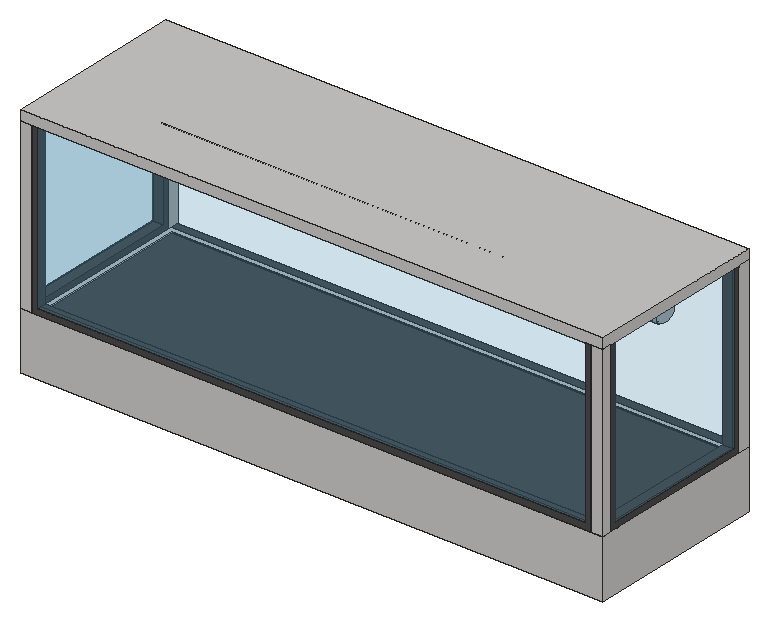
Revit family "QF_FESTIVE_DHD20", category Specialty Equipment, Revit 2020
Family settings
  Round Connector Dimension = Use Diameter
  Part Type = Normal
  Work Plane-Based = No
  Always vertical = Yes
  Cut with Voids When Loaded = No
  Shared = No
  Room Calculation Point = No
Parameters (values of type "DHD20")
  Weight in Pounds = 0
  Watts = if(Phase = 3, Volts * FL Amps * 1.73, Volts * FL Amps)  # 4048 W
  Volts = 220 V
  URL Cutsheet = ""
  Specification by User = ""
  Specification by Manufacturer = ""
  Serial Number = ""
  Seismic Rating = ""
  SMACNA No = ""
  Revision Code = ""
  Phase = 1
  Number of Poles = 1
  NAFEM Spec ID Number = ""
  Model = "DHD20"
  Min Ckt Ampacity = 0 A
  Max Overcurrent Protection = 0 A
  Masterspec = ""
  Manufacturer = "FESTIVE"
  Light Length [instance] = Length - 70 mm  # 1975 mm
  Length = 2045 mm
  Item Number = ""
  Installed By = ""
  Identify Quantity as Lot = yes
  Height = 830 mm
  HP = ""
  Furnished By = ""
  Foodservice Equipment Identifier = yes
  FL Amps = 18.4 A
  Electrical Remarks = ""
  Electric Connection Type = ""
  Elec Conn RI Height = 0 mm
  Elec Conn Connection Height = 0 mm
  Door Length [instance] = if(Length > 1069 mm, (Length / 2) - 80 mm, Length - 80 mm)  # 942.5 mm
  Description = "DEVON: HOT DECK"
  Depth = 640 mm
  Default Elevation = 0 mm
  Cycle = 50 Hz
  Conn Plug = ""
  Conn Conduit = yes
  Center Post Assembly [instance] = Length > 1069 mm  # yes
  CSI MasterFormat = ""
  Apparent Power = if(Phase = 3, Volts * FL Amps * 1.73, Volts * FL Amps)  # 4048 VA
Reference planes
  plane 1 "BACK": y = 0
  plane 2: z = 0
  plane 3 "LEFT": x = 0
  plane 4 "RIGHT": x = 2045
  plane 5 "FRONT": y = -640
  plane 6 "TOP": z = 830
  plane 7 "Center Y": x = 1022.5
  plane 8 "Center X": y = -320
  plane 9: z = 205
Forms (mm)
  Extrusion 1, solid, material "QF_Metal - Stainless - Satin"
    sketch origin (0, 0, 0) x (0, 1, 0) y (0, 0, 1)
      loop
        line (0, 205) -> (-640, 205) -> (-640, 0) -> (0, 0) -> (0, 205)
    from 0 to 2045
  Extrusion 2, solid, material "QF_Metal - Stainless - Satin"
    sketch origin (0, 0, 0) x (0, 1, 0) y (0, 0, 1)
      loop
        line (0, 793) -> (0, 830) -> (-640, 830) -> (-640, 793) -> (0, 793)
    from 0 to 2045
  Extrusion 3, solid, material "QF_Metal - Stainless - Satin"
    sketch origin (0, 0, 0) x (0, 1, 0) y (0, 0, 1)
      loop
        line (0, 793) -> (-40.1, 793) -> (-40.1, 205) -> (0, 205) -> (0, 793)
    from 0 to 40.1
  Extrusion 4, solid, material "QF_Metal - Stainless - Satin"
    sketch origin (0, 0, 0) x (0, 1, 0) y (0, 0, 1)
      loop
        line (-608, 793) -> (-640, 793) -> (-640, 205) -> (-608, 205) -> (-608, 793)
    from 0 to 40.1
  Extrusion 5, solid, material "QF_Plastic - Black - Smooth"
    sketch origin (0, -640, 205) x (0, 0, -1) y (1, 0, 0)
      loop
        line (-588, 40.1) -> (0, 40.1) -> (0, 2004.9) -> (-588, 2004.9) -> (-588, 1984.9) -> (-20, 1984.9) -> (-20, 60.1) -> (-588, 60.1) -> (-588, 40.1)
    from 0 to -32
  Extrusion 6, solid, material "Glass"
    sketch origin (0, -640, 205) x (0, 0, -1) y (1, 0, 0)
      loop
        line (-588, 60.1) -> (-20, 60.1) -> (-20, 1984.9) -> (-588, 1984.9) -> (-588, 60.1)
    from 0 to -10
  Extrusion 7, solid, material "QF_Plastic - Black - Smooth"
    sketch origin (0, 0, 0) x (0, -1, 0) y (0, 0, 1)
      loop
        line (40.1, 793) -> (40.1, 205) -> (608, 205) -> (608, 793) -> (588, 793) -> (588, 225) -> (60.1, 225) -> (60.1, 793) -> (40.1, 793)
    from 0 to -40.1
  Extrusion 8, solid, material "QF_Plastic - Black - Smooth"
    sketch origin (2045, 0, 0) x (0, -1, 0) y (0, 0, 1)
      loop
        line (40.1, 793) -> (40.1, 205) -> (608, 205) -> (608, 793) -> (588, 793) -> (588, 225) -> (60.1, 225) -> (60.1, 793) -> (40.1, 793)
    from 0 to 39.9
  Extrusion 9, solid, material "Glass"
    sketch origin (2045, 0, 0) x (0, -1, 0) y (0, 0, 1)
      loop
        line (588, 793) -> (60.1, 793) -> (60.1, 225) -> (588, 225) -> (588, 793)
    from 0 to 5.1
  Extrusion 10, solid, material "Glass"
    sketch origin (0, 0, 0) x (0, 1, 0) y (0, 0, -1)
      loop
        line (-588, -793) -> (-60.1, -793) -> (-60.1, -225) -> (-588, -225) -> (-588, -793)
    from 0 to -5.1
  Extrusion 11, solid, material "QF_Metal - Stainless - Satin"
    sketch origin (0, -608, 205) x (1, 0, 0) y (0, -1, 0)
      loop
        line (40.1, -576) -> (2004.9, -576) -> (2004.9, 0) -> (40.1, 0) -> (40.1, -576)
      loop
        line (60.1, -556) -> (1984.9, -556) -> (1984.9, -20) -> (60.1, -20) -> (60.1, -556)
    from 0 to -2
  Extrusion 12, solid
    sketch origin (0, 0, 201.118) x (0, 0, 1) y (1, 0, 0)
      loop
        circle (-171.118, 56) r 10
    from 0 to 3.2
  Extrusion 13, solid, material "QF_Metal - Stainless - Satin"
    sketch origin (325, 0, 201.118) x (0, 0, 1) y (1, 0, 0)
      loop
        line (-78.018, 922.5) -> (-196.118, 922.5) -> (-196.118, 472.5) -> (-78.018, 472.5) -> (-78.018, 922.5)
      loop
        line (-135.768, 586.65) -> (-135.768, 660.65)
        arc (-135.768, 660.65) -> (-154.018, 664.14) -> (-172.268, 660.65) r 49.458
        line (-172.268, 660.65) -> (-172.268, 586.65)
        arc (-172.268, 586.65) -> (-154.018, 583.131) -> (-135.768, 586.65) r 49.084
    from 0 to 1.5
  Extrusion 14, solid
    sketch origin (303.75, 1.5, 201.118) x (0, 0, 1) y (1, 0, 0)
      loop
        line (-137.993, 589.375) -> (-169.993, 589.375) -> (-169.993, 575.375) -> (-137.993, 575.375) -> (-137.993, 589.375)
      loop
        line (-165.993, 586.375) -> (-165.993, 578.375) -> (-141.993, 578.375) -> (-141.993, 586.375) -> (-165.993, 586.375)
      loop
        line (-137.993, 558.95) -> (-169.993, 558.95) -> (-169.993, 544.95) -> (-137.993, 544.95) -> (-137.993, 558.95)
      loop
        line (-165.993, 555.95) -> (-165.993, 547.95) -> (-141.993, 547.95) -> (-141.993, 555.95) -> (-165.993, 555.95)
    from 0 to 1.5
  Extrusion 15, solid, material "QF_Plastic - Red - Smooth"
    sketch origin (882.125, 1.5, 59.125) x (0, 0, -1) y (0, 1, 0)
      loop
        line (0, 1.5) -> (24, 1.5) -> (24, 6.5)
        arc (24, 6.5) -> (12.085, 4.325) -> (0, 3.53) r 105.571
        line (0, 3.53) -> (0, 1.5)
    from 0 to 8
  Extrusion 16, solid, material "QF_Plastic - Black - Smooth"
    sketch origin (623.4, 1.5, 155.795) x (0, 0, 1) y (1, 0, 0)
      loop
        arc (-90.445, 362.25) -> (-108.695, 365.858) -> (-126.945, 362.25) r 47.955
        line (-126.945, 362.25) -> (-126.945, 288.25)
        arc (-126.945, 288.25) -> (-108.695, 284.642) -> (-90.445, 288.25) r 47.955
        line (-90.445, 288.25) -> (-90.445, 362.25)
    from 0 to 1.5
  Extrusion 17, solid, material "QF_Plastic - Red - Smooth"
    sketch origin (851.7, 1.5, 59.125) x (0, 0, -1) y (0, 1, 0)
      loop
        line (0, 1.5) -> (24, 1.5) -> (24, 6.5)
        arc (24, 6.5) -> (12.085, 4.325) -> (0, 3.53) r 105.571
        line (0, 3.53) -> (0, 1.5)
    from 0 to 8
  Extrusion 18, solid, material "QF_Metal - Stainless - Satin", not visible
    sketch origin (-325, 0, 201.118) x (0, 0, 1) y (1, 0, 0)
      loop
        line (-78.018, 922.5) -> (-196.118, 922.5) -> (-196.118, 472.5) -> (-78.018, 472.5) -> (-78.018, 922.5)
      loop
        line (-135.768, 586.65) -> (-135.768, 660.65)
        arc (-135.768, 660.65) -> (-154.018, 664.14) -> (-172.268, 660.65) r 49.458
        line (-172.268, 660.65) -> (-172.268, 586.65)
        arc (-172.268, 586.65) -> (-154.018, 583.131) -> (-135.768, 586.65) r 49.084
    from 0 to 1.5
  Extrusion 19, solid, not visible
    sketch origin (-346.25, 1.5, 201.118) x (0, 0, 1) y (1, 0, 0)
      loop
        line (-137.993, 589.375) -> (-169.993, 589.375) -> (-169.993, 575.375) -> (-137.993, 575.375) -> (-137.993, 589.375)
      loop
        line (-165.993, 586.375) -> (-165.993, 578.375) -> (-141.993, 578.375) -> (-141.993, 586.375) -> (-165.993, 586.375)
      loop
        line (-137.993, 558.95) -> (-169.993, 558.95) -> (-169.993, 544.95) -> (-137.993, 544.95) -> (-137.993, 558.95)
      loop
        line (-165.993, 555.95) -> (-165.993, 547.95) -> (-141.993, 547.95) -> (-141.993, 555.95) -> (-165.993, 555.95)
    from 0 to 1.5
  Extrusion 20, solid, material "QF_Plastic - Red - Smooth", not visible
    sketch origin (232.125, 1.5, 59.125) x (0, 0, -1) y (0, 1, 0)
      loop
        line (0, 1.5) -> (24, 1.5) -> (24, 6.5)
        arc (24, 6.5) -> (12.085, 4.325) -> (0, 3.53) r 105.571
        line (0, 3.53) -> (0, 1.5)
    from 0 to 8
  Extrusion 21, solid, material "QF_Plastic - Black - Smooth", not visible
    sketch origin (-26.6, 1.5, 155.795) x (0, 0, 1) y (1, 0, 0)
      loop
        arc (-90.445, 362.25) -> (-108.695, 365.858) -> (-126.945, 362.25) r 47.955
        line (-126.945, 362.25) -> (-126.945, 288.25)
        arc (-126.945, 288.25) -> (-108.695, 284.642) -> (-90.445, 288.25) r 47.955
        line (-90.445, 288.25) -> (-90.445, 362.25)
    from 0 to 1.5
  Extrusion 22, solid, material "QF_Plastic - Red - Smooth", not visible
    sketch origin (201.7, 1.5, 59.125) x (0, 0, -1) y (0, 1, 0)
      loop
        line (0, 1.5) -> (24, 1.5) -> (24, 6.5)
        arc (24, 6.5) -> (12.085, 4.325) -> (0, 3.53) r 105.571
        line (0, 3.53) -> (0, 1.5)
    from 0 to 8
  Extrusion 23, solid, material "QF_Metal - Stainless - Satin"
    sketch origin (2045, 0, 0) x (0, -1, 0) y (0, 0, 1)
      loop
        line (0, 793) -> (0, 205) -> (40.1, 205) -> (40.1, 793) -> (0, 793)
    from 0 to 39.9
  Extrusion 24, solid, material "QF_Metal - Stainless - Satin"
    sketch origin (2045, 0, 0) x (0, -1, 0) y (0, 0, 1)
      loop
        line (608, 793) -> (608, 205) -> (640, 205) -> (640, 793) -> (608, 793)
    from 0 to 39.9
Lines and regions (mm)
  Split face 1
    outline origin (623.4, 3, 155.795) x (0, 0, 1) y (1, 0, 0)
      loop
        arc (-93.945, 353.493) -> (-108.685, 356.848) -> (-123.425, 353.493) r 34.06
        line (-123.425, 353.493) -> (-123.425, 314) -> (-93.945, 314) -> (-93.945, 353.493)
  Split face 2, not visible
    outline origin (-26.6, 3, 155.795) x (0, 0, 1) y (1, 0, 0)
      loop
        arc (-93.945, 353.493) -> (-108.685, 356.848) -> (-123.425, 353.493) r 34.06
        line (-123.425, 353.493) -> (-123.425, 314) -> (-93.945, 314) -> (-93.945, 353.493)
  symbolic lines
    curve 1: line (0, 0, 0) -> (2045, 0, 0)
    curve 2: line (0, -640, 0) -> (0, 0, 0)
    curve 3: line (2045, -640, 0) -> (0, -640, 0)
    curve 4: line (2045, 0, 0) -> (2045, -640, 0)
Dimensions and locks
  equal spacing: plane 3 "LEFT", plane 7 "Center Y", plane 4 "RIGHT"
  "Length": plane 3 "LEFT" to plane 4 "RIGHT"
  equal spacing: plane 5 "FRONT", plane 8 "Center X", plane 1 "BACK"
  "Depth": plane 5 "FRONT" to plane 1 "BACK"
  "Height": plane 6 "TOP" to level
  plane 9 to plane 2 = 205 mm  (x2)
  plane 6 "TOP" to plane 9 = 625 mm  (x2)
  plane 1 "BACK" to plane 5 "FRONT" = 640 mm
  locked: Extrusion 13 to plane 7 "Center Y" at 225
  Extrusion 5 sketch curve to Extrusion 5 sketch curve to plane 4 "RIGHT" = 20 mm locked, 40.1 mm locked
  Extrusion 11 sketch curve to Extrusion 11 sketch curve to plane 4 "RIGHT" = 20 mm locked, 40.1 mm locked
  plane 3 "LEFT" to plane 4 "RIGHT" = 2045 mm
  locked: nested 1 to plane 3 "LEFT" at 35
  aligned and locked: level to plane 2
  aligned and locked: Extrusion 2 to plane 4 "RIGHT"
  aligned and locked: Extrusion 1 to plane 4 "RIGHT"
Automatic sketch dimensions
  Extrusion 13 sketch curve to Extrusion 13 sketch curve = 18.25 mm  (x2)
  Extrusion 13 sketch curve to Extrusion 13 sketch curve = 0 mm
  Extrusion 13 sketch curve to Extrusion 13 sketch curve = 28.032 mm
  Extrusion 13 sketch curve to Extrusion 13 sketch curve = 17.533 mm
  Extrusion 13 sketch curve to Extrusion 13 sketch curve = 28.435 mm
  Extrusion 13 to Extrusion 14 sketch curve = 2.275 mm  (x2)
  Extrusion 14 sketch curve to Extrusion 14 sketch curve = 4 mm  (x2)
  Extrusion 13 to Extrusion 14 sketch curve = 6.225 mm  (x2)
  Extrusion 13 to Extrusion 14 sketch curve = 2.225 mm  (x2)
  Extrusion 14 sketch curve to Extrusion 13 = 51.2 mm
  Extrusion 14 sketch curve to Extrusion 14 sketch curve = 3 mm  (x4)
  Extrusion 14 sketch curve to Extrusion 14 sketch curve = 8 mm  (x2)
  Extrusion 14 sketch curve to Extrusion 14 sketch curve = 16.425 mm
  Extrusion 14 to Extrusion 15 sketch curve = 0 mm  (x2)
  Extrusion 15 sketch curve to Extrusion 14 = 0 mm
  Extrusion 15 sketch curve to Extrusion 14 = 0.881 mm
  Extrusion 15 sketch curve to Extrusion 14 = 2.03 mm
  Extrusion 15 sketch curve to Extrusion 14 = 5 mm
  Extrusion 16 sketch curve to Extrusion 16 sketch curve = 18.25 mm  (x2)
  Extrusion 16 sketch curve to Extrusion 16 sketch curve = 0 mm
  Extrusion 16 sketch curve to Extrusion 16 sketch curve = 29.654 mm  (x2)
  Extrusion 16 sketch curve to Extrusion 16 sketch curve = 14.693 mm
  Split face 1 sketch curve to Extrusion 16 = 3.52 mm
  Split face 1 sketch curve to Split face 1 sketch curve = 14.74 mm
  Split face 1 sketch curve to Extrusion 16 = 3.5 mm
  Split face 1 sketch curve to Split face 1 sketch curve = 8.787 mm
  Split face 1 sketch curve to Split face 1 sketch curve = 30.706 mm
  Extrusion 17 sketch curve to Extrusion 17 sketch curve = 24 mm
  Extrusion 17 sketch curve to Extrusion 17 sketch curve = 2.03 mm
  Extrusion 17 sketch curve to Extrusion 17 sketch curve = 5 mm
  Extrusion 13 sketch curve to Extrusion 13 sketch curve = 23.85 mm
  Extrusion 13 sketch curve to Extrusion 13 sketch curve = 118.1 mm
  Extrusion 13 sketch curve to Extrusion 13 sketch curve = 114.15 mm
  Extrusion 13 sketch curve to Extrusion 13 sketch curve = 261.85 mm
  Extrusion 17 sketch curve to Extrusion 17 sketch curve = 0.881 mm
  Extrusion 18 sketch curve to Extrusion 18 sketch curve = 18.25 mm  (x2)
  Extrusion 18 sketch curve to Extrusion 18 sketch curve = 0 mm
  Extrusion 18 sketch curve to Extrusion 18 sketch curve = 28.032 mm
  Extrusion 18 sketch curve to Extrusion 18 sketch curve = 17.533 mm
  Extrusion 18 sketch curve to Extrusion 18 sketch curve = 28.435 mm
  Extrusion 18 to Extrusion 19 sketch curve = 2.275 mm  (x2)
  Extrusion 19 sketch curve to Extrusion 19 sketch curve = 4 mm  (x2)
  Extrusion 18 to Extrusion 19 sketch curve = 6.225 mm  (x2)
  Extrusion 18 to Extrusion 19 sketch curve = 2.225 mm  (x2)
  Extrusion 19 sketch curve to Extrusion 18 = 51.2 mm
  Extrusion 19 sketch curve to Extrusion 19 sketch curve = 3 mm  (x4)
  Extrusion 19 sketch curve to Extrusion 19 sketch curve = 8 mm  (x2)
  Extrusion 19 sketch curve to Extrusion 19 sketch curve = 16.425 mm
  Extrusion 19 to Extrusion 20 sketch curve = 0 mm  (x2)
  Extrusion 20 sketch curve to Extrusion 19 = 0 mm
  Extrusion 20 sketch curve to Extrusion 19 = 0.881 mm
  Extrusion 20 sketch curve to Extrusion 19 = 2.03 mm
  Extrusion 20 sketch curve to Extrusion 19 = 5 mm
  Extrusion 21 sketch curve to Extrusion 21 sketch curve = 18.25 mm  (x2)
  Extrusion 21 sketch curve to Extrusion 21 sketch curve = 0 mm
  Extrusion 21 sketch curve to Extrusion 21 sketch curve = 29.654 mm  (x2)
  Extrusion 21 sketch curve to Extrusion 21 sketch curve = 14.693 mm
  Split face 2 sketch curve to Extrusion 21 = 3.52 mm
  Split face 2 sketch curve to Split face 2 sketch curve = 14.74 mm
  Split face 2 sketch curve to Extrusion 21 = 3.5 mm
  Split face 2 sketch curve to Split face 2 sketch curve = 8.787 mm
  Split face 2 sketch curve to Split face 2 sketch curve = 30.706 mm
  Extrusion 22 sketch curve to Extrusion 22 sketch curve = 24 mm
  Extrusion 22 sketch curve to Extrusion 22 sketch curve = 2.03 mm
  Extrusion 22 sketch curve to Extrusion 22 sketch curve = 5 mm
  Extrusion 18 sketch curve to Extrusion 18 sketch curve = 23.85 mm
  Extrusion 18 sketch curve to Extrusion 18 sketch curve = 118.1 mm
  Extrusion 18 sketch curve to Extrusion 18 sketch curve = 114.15 mm
  Extrusion 18 sketch curve to Extrusion 18 sketch curve = 261.85 mm
  Extrusion 22 sketch curve to Extrusion 22 sketch curve = 0.881 mm
  curve 3 to plane 3 "LEFT" = 0 mm
  curve 3 to plane 4 "RIGHT" = 0 mm
  plane 5 "FRONT" to curve 3 = 0 mm
  plane 1 "BACK" to curve 2 = 0 mm
  Extrusion 1 sketch curve to plane 5 "FRONT" = 0 mm
  Extrusion 1 sketch curve to level = 0 mm
  Extrusion 1 sketch curve to plane 1 "BACK" = 0 mm
  Extrusion 1 sketch curve to plane 9 = 0 mm
  Extrusion 2 sketch curve to plane 5 "FRONT" = 0 mm
  Extrusion 2 sketch curve to plane 1 "BACK" = 0 mm
  Extrusion 2 sketch curve to plane 6 "TOP" = 0 mm
  Extrusion 2 sketch curve to plane 6 "TOP" = 37 mm
  Extrusion 3 sketch curve to plane 9 = 0 mm
  Extrusion 3 sketch curve to plane 1 "BACK" = 0 mm
  Extrusion 3 sketch curve to Extrusion 3 sketch curve = 40.1 mm
  Extrusion 3 sketch curve to plane 6 "TOP" = 37 mm
  Extrusion 4 sketch curve to plane 5 "FRONT" = 0 mm
  Extrusion 4 sketch curve to plane 9 = 0 mm
  Extrusion 4 sketch curve to plane 5 "FRONT" = 32 mm
  Extrusion 4 sketch curve to plane 6 "TOP" = 37 mm
  Extrusion 5 sketch curve to Extrusion 1 = 0 mm
  Extrusion 1 to Extrusion 5 sketch curve = 20 mm
  Extrusion 1 to Extrusion 5 sketch curve = 40.1 mm
  Extrusion 5 sketch curve to Extrusion 5 sketch curve = 568 mm  (x2)
  Extrusion 5 sketch curve to Extrusion 5 sketch curve = 20 mm
  Extrusion 1 to Extrusion 6 sketch curve = 60.1 mm  (x2)
  Extrusion 1 to Extrusion 6 sketch curve = 588 mm
  Extrusion 1 to Extrusion 6 sketch curve = 20 mm
  Extrusion 3 to Extrusion 7 sketch curve = 0 mm  (x3)
  Extrusion 7 sketch curve to Extrusion 3 = 0 mm
  Extrusion 3 to Extrusion 7 sketch curve = 20 mm
  Extrusion 7 sketch curve to Extrusion 3 = 20 mm
  Extrusion 7 sketch curve to Extrusion 7 sketch curve = 527.9 mm
  Extrusion 7 sketch curve to Extrusion 7 sketch curve = 20 mm
  Extrusion 8 sketch curve to plane 9 = 0 mm
  plane 1 "BACK" to Extrusion 8 sketch curve = 40.1 mm
  Extrusion 8 sketch curve to Extrusion 8 sketch curve = 20 mm  (x2)
  plane 9 to Extrusion 8 sketch curve = 20 mm
  Extrusion 8 sketch curve to plane 5 "FRONT" = 52 mm
  Extrusion 8 sketch curve to plane 6 "TOP" = 37 mm  (x2)
  plane 1 "BACK" to Extrusion 9 sketch curve = 60.1 mm
  plane 9 to Extrusion 9 sketch curve = 20 mm
  Extrusion 9 sketch curve to plane 5 "FRONT" = 52 mm
  Extrusion 9 sketch curve to plane 6 "TOP" = 37 mm
  plane 9 to Extrusion 10 sketch curve = 20 mm
  Extrusion 10 sketch curve to plane 5 "FRONT" = 52 mm
  plane 1 "BACK" to Extrusion 10 sketch curve = 60.1 mm
  Extrusion 10 sketch curve to plane 6 "TOP" = 37 mm
  Extrusion 11 sketch curve to Extrusion 7 = 0 mm  (x2)
  Extrusion 7 to Extrusion 11 sketch curve = 20 mm  (x2)
  Extrusion 11 sketch curve to Extrusion 7 = 11.9 mm
  Extrusion 7 to Extrusion 11 sketch curve = 8.1 mm
  level to Extrusion 12 sketch curve = 30 mm
  plane 3 "LEFT" to Extrusion 12 sketch curve = 56 mm
  Extrusion 23 sketch curve to plane 1 "BACK" = 0 mm
  Extrusion 23 sketch curve to plane 9 = 0 mm
  Extrusion 23 sketch curve to Extrusion 23 sketch curve = 40.1 mm
  Extrusion 23 sketch curve to plane 6 "TOP" = 37 mm
  Extrusion 24 sketch curve to plane 9 = 0 mm
  Extrusion 24 sketch curve to plane 5 "FRONT" = 0 mm
  Extrusion 24 sketch curve to plane 5 "FRONT" = 32 mm
  Extrusion 24 sketch curve to plane 6 "TOP" = 37 mm
  radius of Extrusion 12 sketch curve = 10 mm
Nested families
  nested 1: "LIGHTS" at (35, -282.344, 0), type "LIGHTS"
    with Length 1975 mm
Connectors
  electrical at (56, 3.2, 30), driven by "Volts", driven by "Watts"
    settings: on Extrusion 12, index 1, voltage 220 V, apparent load 4048 VA, apparent load phase1 0 VA, apparent load phase2 0 VA, apparent load phase3 0 VA, power factor 1, load classification "Other", number of poles 1, system type 30, power factor state 1, is connector primary yes, connector utility no, sub classification motor no, connector description "ELECTRICAL CONNECTION"
Definition of nested family "LIGHTS"
  Parameters (values of type "LIGHTS")
    Weight in Pounds = 0
    Watts = if(Phase = 3, Volts * FL Amps * 1.73, Volts * FL Amps)  # 1078 W
    Volts = 220 V
    URL Cutsheet = ""
    Specification by User = ""
    Specification by Manufacturer = ""
    Serial Number = ""
    Seismic Rating = ""
    SMACNA No = ""
    Revision Code = ""
    Phase = 1
    Number of Poles = 1
    NAFEM Spec ID Number = ""
    Model = "DHD7"
    Min Ckt Ampacity = 0 A
    Max Overcurrent Protection = 0 A
    Masterspec = ""
    Manufacturer = "FESTIVE"
    Length = 675 mm
    Item Number = ""
    Installed By = ""
    Identify Quantity as Lot = yes
    Height = 830 mm
    HP = ""
    Furnished By = ""
    Foodservice Equipment Identifier = yes
    FL Amps = 4.9 A  # constant formula
    Electrical Remarks = ""
    Electric Connection Type = ""
    Elec Conn RI Height = 0 mm
    Elec Conn Connection Height = 0 mm
    Description = "DEVON: HOT DECK"
    Depth = 75.193 mm
    Default Elevation = 0 mm
    Cycle = 50 Hz
    Conn Plug = ""
    Conn Conduit = yes
    CSI MasterFormat = ""
    Apparent Power = if(Phase = 3, Volts * FL Amps * 1.73, Volts * FL Amps)  # 1078 VA
  Reference planes
    plane 1 "BACK": y = 0
    plane 2: z = 0
    plane 3 "LEFT": x = 0
    plane 4 "RIGHT": x = 675
    plane 5 "FRONT": y = -75.193
    plane 6 "TOP": z = 830
    plane 7 "Center Y": x = 337.5
    plane 8 "Center X": y = -37.596
    plane 9: z = 205
    plane 10: x = 464.5
    plane 11: x = 210.5
  Forms (mm)
    Extrusion 1, solid
      sketch origin (-60.1, 282.404, 0) x (0, 1, 0) y (0, 0, 1)
        loop
          arc (-295, 792.076) -> (-295.856, 794.144) -> (-297.924, 795) r 2.924
          line (-297.924, 795) -> (-342.076, 795)
          arc (-342.076, 795) -> (-344.144, 794.144) -> (-345, 792.076) r 2.924
          line (-345, 792.076) -> (-345, 776.085)
          arc (-345, 776.085) -> (-357.596, 753.232) -> (-345, 730.378) r 27.029
          arc (-345, 730.378) -> (-320, 727.581) -> (-295, 730.378) r 113.108
          arc (-295, 730.378) -> (-282.404, 753.232) -> (-295, 776.085) r 27.029
          line (-295, 776.085) -> (-295, 792.076)
        loop
          arc (-298.5, 786) -> (-298.793, 786.707) -> (-299.5, 787) r 1
          line (-299.5, 787) -> (-301.5, 787)
          arc (-301.5, 787) -> (-302.207, 786.707) -> (-302.5, 786) r 1
          line (-302.5, 786) -> (-302.5, 774)
          arc (-302.5, 774) -> (-302.207, 773.293) -> (-301.5, 773) r 1
          line (-301.5, 773) -> (-299.5, 773)
          arc (-299.5, 773) -> (-298.793, 773.293) -> (-298.5, 774) r 1
          line (-298.5, 774) -> (-298.5, 786)
        loop
          arc (-305, 786) -> (-305.293, 786.707) -> (-306, 787) r 1
          line (-306, 787) -> (-308, 787)
          arc (-308, 787) -> (-308.707, 786.707) -> (-309, 786) r 1
          line (-309, 786) -> (-309, 774)
          arc (-309, 774) -> (-308.707, 773.293) -> (-308, 773) r 1
          line (-308, 773) -> (-306, 773)
          arc (-306, 773) -> (-305.293, 773.293) -> (-305, 774) r 1
          line (-305, 774) -> (-305, 786)
        loop
          arc (-311.5, 786) -> (-311.793, 786.707) -> (-312.5, 787) r 1
          line (-312.5, 787) -> (-314.5, 787)
          arc (-314.5, 787) -> (-315.207, 786.707) -> (-315.5, 786) r 1
          line (-315.5, 786) -> (-315.5, 774)
          arc (-315.5, 774) -> (-315.207, 773.293) -> (-314.5, 773) r 1
          line (-314.5, 773) -> (-312.5, 773)
          arc (-312.5, 773) -> (-311.793, 773.293) -> (-311.5, 774) r 1
          line (-311.5, 774) -> (-311.5, 786)
        loop
          arc (-318, 786) -> (-318.293, 786.707) -> (-319, 787) r 1
          line (-319, 787) -> (-321, 787)
          arc (-321, 787) -> (-321.707, 786.707) -> (-322, 786) r 1
          line (-322, 786) -> (-322, 774)
          arc (-322, 774) -> (-321.707, 773.293) -> (-321, 773) r 1
          line (-321, 773) -> (-319, 773)
          arc (-319, 773) -> (-318.293, 773.293) -> (-318, 774) r 1
          line (-318, 774) -> (-318, 786)
        loop
          arc (-324.5, 786) -> (-324.793, 786.707) -> (-325.5, 787) r 1
          line (-325.5, 787) -> (-327.5, 787)
          arc (-327.5, 787) -> (-328.207, 786.707) -> (-328.5, 786) r 1
          line (-328.5, 786) -> (-328.5, 774)
          arc (-328.5, 774) -> (-328.207, 773.293) -> (-327.5, 773) r 1
          line (-327.5, 773) -> (-325.5, 773)
          arc (-325.5, 773) -> (-324.793, 773.293) -> (-324.5, 774) r 1
          line (-324.5, 774) -> (-324.5, 786)
        loop
          arc (-331, 786) -> (-331.293, 786.707) -> (-332, 787) r 1
          line (-332, 787) -> (-334, 787)
          arc (-334, 787) -> (-334.707, 786.707) -> (-335, 786) r 1
          line (-335, 786) -> (-335, 774)
          arc (-335, 774) -> (-334.707, 773.293) -> (-334, 773) r 1
          line (-334, 773) -> (-332, 773)
          arc (-332, 773) -> (-331.293, 773.293) -> (-331, 774) r 1
          line (-331, 774) -> (-331, 786)
        loop
          arc (-337.5, 786) -> (-337.793, 786.707) -> (-338.5, 787) r 1
          line (-338.5, 787) -> (-340.5, 787)
          arc (-340.5, 787) -> (-341.207, 786.707) -> (-341.5, 786) r 1
          line (-341.5, 786) -> (-341.5, 774)
          arc (-341.5, 774) -> (-341.207, 773.293) -> (-340.5, 773) r 1
          line (-340.5, 773) -> (-338.5, 773)
          arc (-338.5, 773) -> (-337.793, 773.293) -> (-337.5, 774) r 1
          line (-337.5, 774) -> (-337.5, 786)
      from 60.1 to 62
    Extrusion 2, solid
      sketch origin (1.9, 282.404, 0) x (0, 1, 0) y (0, 0, 1)
        loop
          arc (-295, 792.076) -> (-295.856, 794.144) -> (-297.924, 795) r 2.924
          line (-297.924, 795) -> (-342.076, 795)
          arc (-342.076, 795) -> (-344.144, 794.144) -> (-345, 792.076) r 2.924
          line (-345, 792.076) -> (-345, 776.085)
          arc (-345, 776.085) -> (-357.596, 753.232) -> (-345, 730.378) r 27.029
          line (-345, 730.378) -> (-344.466, 731.224)
          arc (-344.466, 731.224) -> (-356.596, 753.232) -> (-344.466, 775.239) r 26.029
          line (-344.466, 775.239) -> (-295.534, 775.239)
          arc (-295.534, 775.239) -> (-283.404, 753.232) -> (-295.534, 731.224) r 26.029
          line (-295.534, 731.224) -> (-295, 730.378)
          arc (-295, 730.378) -> (-282.404, 753.232) -> (-295, 776.085) r 27.029
          line (-295, 776.085) -> (-295, 792.076)
      from 0 to 671.1
    Extrusion 3, solid
      sketch origin (1.9, 282.404, 0) x (0, 1, 0) y (0, 0, 1)
        loop
          line (-295.534, 775.239) -> (-344.466, 775.239)
          arc (-344.466, 775.239) -> (-356.596, 753.232) -> (-344.466, 731.224) r 26.029
          line (-344.466, 731.224) -> (-295.534, 731.224)
          arc (-295.534, 731.224) -> (-283.404, 753.232) -> (-295.534, 775.239) r 26.029
      from 0 to 208.6
    Extrusion 4, solid
      sketch origin (286.9, 282.404, 0) x (0, 1, 0) y (0, 0, 1)
        loop
          line (-295.534, 775.239) -> (-344.466, 775.239)
          arc (-344.466, 775.239) -> (-356.596, 753.232) -> (-344.466, 731.224) r 26.029
          line (-344.466, 731.224) -> (-295.534, 731.224)
          arc (-295.534, 731.224) -> (-283.404, 753.232) -> (-295.534, 775.239) r 26.029
      from 177.6 to 386.1
    Extrusion 5, solid
      sketch origin (431.4, 282.404, 0) x (0, 1, 0) y (0, 0, 1)
        loop
          circle (-320.06, 740.619) r 8.038
      from -220.9 to 33.1
    Extrusion 6, solid, not visible
      sketch origin (-325, 0, 201.118) x (0, 0, 1) y (1, 0, 0)
        loop
          line (-78.018, 922.5) -> (-196.118, 922.5) -> (-196.118, 472.5) -> (-78.018, 472.5) -> (-78.018, 922.5)
        loop
          line (-135.768, 586.65) -> (-135.768, 660.65)
          arc (-135.768, 660.65) -> (-154.018, 664.14) -> (-172.268, 660.65) r 49.458
          line (-172.268, 660.65) -> (-172.268, 586.65)
          arc (-172.268, 586.65) -> (-154.018, 583.131) -> (-135.768, 586.65) r 49.084
      from 0 to 1.5
    Extrusion 7, solid, not visible
      sketch origin (-346.25, 1.5, 201.118) x (0, 0, 1) y (1, 0, 0)
        loop
          line (-137.993, 589.375) -> (-169.993, 589.375) -> (-169.993, 575.375) -> (-137.993, 575.375) -> (-137.993, 589.375)
        loop
          line (-165.993, 586.375) -> (-165.993, 578.375) -> (-141.993, 578.375) -> (-141.993, 586.375) -> (-165.993, 586.375)
        loop
          line (-137.993, 558.95) -> (-169.993, 558.95) -> (-169.993, 544.95) -> (-137.993, 544.95) -> (-137.993, 558.95)
        loop
          line (-165.993, 555.95) -> (-165.993, 547.95) -> (-141.993, 547.95) -> (-141.993, 555.95) -> (-165.993, 555.95)
      from 0 to 1.5
    Extrusion 8, solid, not visible
      sketch origin (232.125, 1.5, 59.125) x (0, 0, -1) y (0, 1, 0)
        loop
          line (0, 1.5) -> (24, 1.5) -> (24, 6.5)
          arc (24, 6.5) -> (12.085, 4.325) -> (0, 3.53) r 105.571
          line (0, 3.53) -> (0, 1.5)
      from 0 to 8
    Extrusion 9, solid, not visible
      sketch origin (-26.6, 1.5, 155.795) x (0, 0, 1) y (1, 0, 0)
        loop
          arc (-90.445, 362.25) -> (-108.695, 365.858) -> (-126.945, 362.25) r 47.955
          line (-126.945, 362.25) -> (-126.945, 288.25)
          arc (-126.945, 288.25) -> (-108.695, 284.642) -> (-90.445, 288.25) r 47.955
          line (-90.445, 288.25) -> (-90.445, 362.25)
      from 0 to 1.5
    Extrusion 10, solid, not visible
      sketch origin (201.7, 1.5, 59.125) x (0, 0, -1) y (0, 1, 0)
        loop
          line (0, 1.5) -> (24, 1.5) -> (24, 6.5)
          arc (24, 6.5) -> (12.085, 4.325) -> (0, 3.53) r 105.571
          line (0, 3.53) -> (0, 1.5)
      from 0 to 8
    Extrusion 11, solid, not visible
      sketch origin (1070, 0, 0) x (0, 1, 0) y (0, 0, -1)
        loop
          line (-295, -792.076) -> (-295, -776.085)
          arc (-295, -776.085) -> (-282.404, -753.232) -> (-295, -730.378) r 27.029
          arc (-295, -730.378) -> (-320, -727.581) -> (-345, -730.378) r 113.108
          arc (-345, -730.378) -> (-357.596, -753.232) -> (-345, -776.085) r 27.029
          line (-345, -776.085) -> (-345, -792.076)
          arc (-345, -792.076) -> (-344.144, -794.144) -> (-342.076, -795) r 2.924
          line (-342.076, -795) -> (-297.924, -795)
          arc (-297.924, -795) -> (-295.856, -794.144) -> (-295, -792.076) r 2.924
        loop
          line (-298.5, -786) -> (-298.5, -774)
          arc (-298.5, -774) -> (-298.793, -773.293) -> (-299.5, -773) r 1
          line (-299.5, -773) -> (-301.5, -773)
          arc (-301.5, -773) -> (-302.207, -773.293) -> (-302.5, -774) r 1
          line (-302.5, -774) -> (-302.5, -786)
          arc (-302.5, -786) -> (-302.207, -786.707) -> (-301.5, -787) r 1
          line (-301.5, -787) -> (-299.5, -787)
          arc (-299.5, -787) -> (-298.793, -786.707) -> (-298.5, -786) r 1
        loop
          line (-305, -786) -> (-305, -774)
          arc (-305, -774) -> (-305.293, -773.293) -> (-306, -773) r 1
          line (-306, -773) -> (-308, -773)
          arc (-308, -773) -> (-308.707, -773.293) -> (-309, -774) r 1
          line (-309, -774) -> (-309, -786)
          arc (-309, -786) -> (-308.707, -786.707) -> (-308, -787) r 1
          line (-308, -787) -> (-306, -787)
          arc (-306, -787) -> (-305.293, -786.707) -> (-305, -786) r 1
        loop
          line (-311.5, -786) -> (-311.5, -774)
          arc (-311.5, -774) -> (-311.793, -773.293) -> (-312.5, -773) r 1
          line (-312.5, -773) -> (-314.5, -773)
          arc (-314.5, -773) -> (-315.207, -773.293) -> (-315.5, -774) r 1
          line (-315.5, -774) -> (-315.5, -786)
          arc (-315.5, -786) -> (-315.207, -786.707) -> (-314.5, -787) r 1
          line (-314.5, -787) -> (-312.5, -787)
          arc (-312.5, -787) -> (-311.793, -786.707) -> (-311.5, -786) r 1
        loop
          line (-318, -786) -> (-318, -774)
          arc (-318, -774) -> (-318.293, -773.293) -> (-319, -773) r 1
          line (-319, -773) -> (-321, -773)
          arc (-321, -773) -> (-321.707, -773.293) -> (-322, -774) r 1
          line (-322, -774) -> (-322, -786)
          arc (-322, -786) -> (-321.707, -786.707) -> (-321, -787) r 1
          line (-321, -787) -> (-319, -787)
          arc (-319, -787) -> (-318.293, -786.707) -> (-318, -786) r 1
        loop
          line (-324.5, -786) -> (-324.5, -774)
          arc (-324.5, -774) -> (-324.793, -773.293) -> (-325.5, -773) r 1
          line (-325.5, -773) -> (-327.5, -773)
          arc (-327.5, -773) -> (-328.207, -773.293) -> (-328.5, -774) r 1
          line (-328.5, -774) -> (-328.5, -786)
          arc (-328.5, -786) -> (-328.207, -786.707) -> (-327.5, -787) r 1
          line (-327.5, -787) -> (-325.5, -787)
          arc (-325.5, -787) -> (-324.793, -786.707) -> (-324.5, -786) r 1
        loop
          line (-331, -786) -> (-331, -774)
          arc (-331, -774) -> (-331.293, -773.293) -> (-332, -773) r 1
          line (-332, -773) -> (-334, -773)
          arc (-334, -773) -> (-334.707, -773.293) -> (-335, -774) r 1
          line (-335, -774) -> (-335, -786)
          arc (-335, -786) -> (-334.707, -786.707) -> (-334, -787) r 1
          line (-334, -787) -> (-332, -787)
          arc (-332, -787) -> (-331.293, -786.707) -> (-331, -786) r 1
        loop
          line (-337.5, -786) -> (-337.5, -774)
          arc (-337.5, -774) -> (-337.793, -773.293) -> (-338.5, -773) r 1
          line (-338.5, -773) -> (-340.5, -773)
          arc (-340.5, -773) -> (-341.207, -773.293) -> (-341.5, -774) r 1
          line (-341.5, -774) -> (-341.5, -786)
          arc (-341.5, -786) -> (-341.207, -786.707) -> (-340.5, -787) r 1
          line (-340.5, -787) -> (-338.5, -787)
          arc (-338.5, -787) -> (-337.793, -786.707) -> (-337.5, -786) r 1
      from 360 to 362
    Extrusion 12, solid, not visible
      sketch origin (-25.1, 0, 0) x (0, 1, 0) y (0, 0, 1)
        loop
          arc (-295, 792.076) -> (-295.856, 794.144) -> (-297.924, 795) r 2.924
          line (-297.924, 795) -> (-342.076, 795)
          arc (-342.076, 795) -> (-344.144, 794.144) -> (-345, 792.076) r 2.924
          line (-345, 792.076) -> (-345, 776.085)
          arc (-345, 776.085) -> (-357.596, 753.232) -> (-345, 730.378) r 27.029
          arc (-345, 730.378) -> (-320, 727.581) -> (-295, 730.378) r 113.108
          arc (-295, 730.378) -> (-282.404, 753.232) -> (-295, 776.085) r 27.029
          line (-295, 776.085) -> (-295, 792.076)
        loop
          arc (-298.5, 786) -> (-298.793, 786.707) -> (-299.5, 787) r 1
          line (-299.5, 787) -> (-301.5, 787)
          arc (-301.5, 787) -> (-302.207, 786.707) -> (-302.5, 786) r 1
          line (-302.5, 786) -> (-302.5, 774)
          arc (-302.5, 774) -> (-302.207, 773.293) -> (-301.5, 773) r 1
          line (-301.5, 773) -> (-299.5, 773)
          arc (-299.5, 773) -> (-298.793, 773.293) -> (-298.5, 774) r 1
          line (-298.5, 774) -> (-298.5, 786)
        loop
          arc (-305, 786) -> (-305.293, 786.707) -> (-306, 787) r 1
          line (-306, 787) -> (-308, 787)
          arc (-308, 787) -> (-308.707, 786.707) -> (-309, 786) r 1
          line (-309, 786) -> (-309, 774)
          arc (-309, 774) -> (-308.707, 773.293) -> (-308, 773) r 1
          line (-308, 773) -> (-306, 773)
          arc (-306, 773) -> (-305.293, 773.293) -> (-305, 774) r 1
          line (-305, 774) -> (-305, 786)
        loop
          arc (-311.5, 786) -> (-311.793, 786.707) -> (-312.5, 787) r 1
          line (-312.5, 787) -> (-314.5, 787)
          arc (-314.5, 787) -> (-315.207, 786.707) -> (-315.5, 786) r 1
          line (-315.5, 786) -> (-315.5, 774)
          arc (-315.5, 774) -> (-315.207, 773.293) -> (-314.5, 773) r 1
          line (-314.5, 773) -> (-312.5, 773)
          arc (-312.5, 773) -> (-311.793, 773.293) -> (-311.5, 774) r 1
          line (-311.5, 774) -> (-311.5, 786)
        loop
          arc (-318, 786) -> (-318.293, 786.707) -> (-319, 787) r 1
          line (-319, 787) -> (-321, 787)
          arc (-321, 787) -> (-321.707, 786.707) -> (-322, 786) r 1
          line (-322, 786) -> (-322, 774)
          arc (-322, 774) -> (-321.707, 773.293) -> (-321, 773) r 1
          line (-321, 773) -> (-319, 773)
          arc (-319, 773) -> (-318.293, 773.293) -> (-318, 774) r 1
          line (-318, 774) -> (-318, 786)
        loop
          arc (-324.5, 786) -> (-324.793, 786.707) -> (-325.5, 787) r 1
          line (-325.5, 787) -> (-327.5, 787)
          arc (-327.5, 787) -> (-328.207, 786.707) -> (-328.5, 786) r 1
          line (-328.5, 786) -> (-328.5, 774)
          arc (-328.5, 774) -> (-328.207, 773.293) -> (-327.5, 773) r 1
          line (-327.5, 773) -> (-325.5, 773)
          arc (-325.5, 773) -> (-324.793, 773.293) -> (-324.5, 774) r 1
          line (-324.5, 774) -> (-324.5, 786)
        loop
          arc (-331, 786) -> (-331.293, 786.707) -> (-332, 787) r 1
          line (-332, 787) -> (-334, 787)
          arc (-334, 787) -> (-334.707, 786.707) -> (-335, 786) r 1
          line (-335, 786) -> (-335, 774)
          arc (-335, 774) -> (-334.707, 773.293) -> (-334, 773) r 1
          line (-334, 773) -> (-332, 773)
          arc (-332, 773) -> (-331.293, 773.293) -> (-331, 774) r 1
          line (-331, 774) -> (-331, 786)
        loop
          arc (-337.5, 786) -> (-337.793, 786.707) -> (-338.5, 787) r 1
          line (-338.5, 787) -> (-340.5, 787)
          arc (-340.5, 787) -> (-341.207, 786.707) -> (-341.5, 786) r 1
          line (-341.5, 786) -> (-341.5, 774)
          arc (-341.5, 774) -> (-341.207, 773.293) -> (-340.5, 773) r 1
          line (-340.5, 773) -> (-338.5, 773)
          arc (-338.5, 773) -> (-337.793, 773.293) -> (-337.5, 774) r 1
          line (-337.5, 774) -> (-337.5, 786)
      from 60.1 to 62
    Extrusion 13, solid, not visible
      sketch origin (36.9, 0, 0) x (0, 1, 0) y (0, 0, 1)
        loop
          arc (-295, 792.076) -> (-295.856, 794.144) -> (-297.924, 795) r 2.924
          line (-297.924, 795) -> (-342.076, 795)
          arc (-342.076, 795) -> (-344.144, 794.144) -> (-345, 792.076) r 2.924
          line (-345, 792.076) -> (-345, 776.085)
          arc (-345, 776.085) -> (-357.596, 753.232) -> (-345, 730.378) r 27.029
          line (-345, 730.378) -> (-344.466, 731.224)
          arc (-344.466, 731.224) -> (-356.596, 753.232) -> (-344.466, 775.239) r 26.029
          line (-344.466, 775.239) -> (-295.534, 775.239)
          arc (-295.534, 775.239) -> (-283.404, 753.232) -> (-295.534, 731.224) r 26.029
          line (-295.534, 731.224) -> (-295, 730.378)
          arc (-295, 730.378) -> (-282.404, 753.232) -> (-295, 776.085) r 27.029
          line (-295, 776.085) -> (-295, 792.076)
      from 0 to 671.1
    Extrusion 14, solid, not visible
      sketch origin (1070, 0, 0) x (0, 1, 0) y (0, 0, -1)
        loop
          line (-295, -792.076) -> (-295, -776.085)
          arc (-295, -776.085) -> (-282.404, -753.232) -> (-295, -730.378) r 27.029
          arc (-295, -730.378) -> (-320, -727.581) -> (-345, -730.378) r 113.108
          arc (-345, -730.378) -> (-357.596, -753.232) -> (-345, -776.085) r 27.029
          line (-345, -776.085) -> (-345, -792.076)
          arc (-345, -792.076) -> (-344.144, -794.144) -> (-342.076, -795) r 2.924
          line (-342.076, -795) -> (-297.924, -795)
          arc (-297.924, -795) -> (-295.856, -794.144) -> (-295, -792.076) r 2.924
        loop
          line (-298.5, -786) -> (-298.5, -774)
          arc (-298.5, -774) -> (-298.793, -773.293) -> (-299.5, -773) r 1
          line (-299.5, -773) -> (-301.5, -773)
          arc (-301.5, -773) -> (-302.207, -773.293) -> (-302.5, -774) r 1
          line (-302.5, -774) -> (-302.5, -786)
          arc (-302.5, -786) -> (-302.207, -786.707) -> (-301.5, -787) r 1
          line (-301.5, -787) -> (-299.5, -787)
          arc (-299.5, -787) -> (-298.793, -786.707) -> (-298.5, -786) r 1
        loop
          line (-305, -786) -> (-305, -774)
          arc (-305, -774) -> (-305.293, -773.293) -> (-306, -773) r 1
          line (-306, -773) -> (-308, -773)
          arc (-308, -773) -> (-308.707, -773.293) -> (-309, -774) r 1
          line (-309, -774) -> (-309, -786)
          arc (-309, -786) -> (-308.707, -786.707) -> (-308, -787) r 1
          line (-308, -787) -> (-306, -787)
          arc (-306, -787) -> (-305.293, -786.707) -> (-305, -786) r 1
        loop
          line (-311.5, -786) -> (-311.5, -774)
          arc (-311.5, -774) -> (-311.793, -773.293) -> (-312.5, -773) r 1
          line (-312.5, -773) -> (-314.5, -773)
          arc (-314.5, -773) -> (-315.207, -773.293) -> (-315.5, -774) r 1
          line (-315.5, -774) -> (-315.5, -786)
          arc (-315.5, -786) -> (-315.207, -786.707) -> (-314.5, -787) r 1
          line (-314.5, -787) -> (-312.5, -787)
          arc (-312.5, -787) -> (-311.793, -786.707) -> (-311.5, -786) r 1
        loop
          line (-318, -786) -> (-318, -774)
          arc (-318, -774) -> (-318.293, -773.293) -> (-319, -773) r 1
          line (-319, -773) -> (-321, -773)
          arc (-321, -773) -> (-321.707, -773.293) -> (-322, -774) r 1
          line (-322, -774) -> (-322, -786)
          arc (-322, -786) -> (-321.707, -786.707) -> (-321, -787) r 1
          line (-321, -787) -> (-319, -787)
          arc (-319, -787) -> (-318.293, -786.707) -> (-318, -786) r 1
        loop
          line (-324.5, -786) -> (-324.5, -774)
          arc (-324.5, -774) -> (-324.793, -773.293) -> (-325.5, -773) r 1
          line (-325.5, -773) -> (-327.5, -773)
          arc (-327.5, -773) -> (-328.207, -773.293) -> (-328.5, -774) r 1
          line (-328.5, -774) -> (-328.5, -786)
          arc (-328.5, -786) -> (-328.207, -786.707) -> (-327.5, -787) r 1
          line (-327.5, -787) -> (-325.5, -787)
          arc (-325.5, -787) -> (-324.793, -786.707) -> (-324.5, -786) r 1
        loop
          line (-331, -786) -> (-331, -774)
          arc (-331, -774) -> (-331.293, -773.293) -> (-332, -773) r 1
          line (-332, -773) -> (-334, -773)
          arc (-334, -773) -> (-334.707, -773.293) -> (-335, -774) r 1
          line (-335, -774) -> (-335, -786)
          arc (-335, -786) -> (-334.707, -786.707) -> (-334, -787) r 1
          line (-334, -787) -> (-332, -787)
          arc (-332, -787) -> (-331.293, -786.707) -> (-331, -786) r 1
        loop
          line (-337.5, -786) -> (-337.5, -774)
          arc (-337.5, -774) -> (-337.793, -773.293) -> (-338.5, -773) r 1
          line (-338.5, -773) -> (-340.5, -773)
          arc (-340.5, -773) -> (-341.207, -773.293) -> (-341.5, -774) r 1
          line (-341.5, -774) -> (-341.5, -786)
          arc (-341.5, -786) -> (-341.207, -786.707) -> (-340.5, -787) r 1
          line (-340.5, -787) -> (-338.5, -787)
          arc (-338.5, -787) -> (-337.793, -786.707) -> (-337.5, -786) r 1
      from 360 to 362
    Extrusion 15, solid, not visible
      sketch origin (36.9, 0, 0) x (0, 1, 0) y (0, 0, 1)
        loop
          line (-295.534, 775.239) -> (-344.466, 775.239)
          arc (-344.466, 775.239) -> (-356.596, 753.232) -> (-344.466, 731.224) r 26.029
          line (-344.466, 731.224) -> (-295.534, 731.224)
          arc (-295.534, 731.224) -> (-283.404, 753.232) -> (-295.534, 775.239) r 26.029
      from 0 to 208.6
    Extrusion 16, solid, not visible
      sketch origin (321.9, 0, 0) x (0, 1, 0) y (0, 0, 1)
        loop
          line (-295.534, 775.239) -> (-344.466, 775.239)
          arc (-344.466, 775.239) -> (-356.596, 753.232) -> (-344.466, 731.224) r 26.029
          line (-344.466, 731.224) -> (-295.534, 731.224)
          arc (-295.534, 731.224) -> (-283.404, 753.232) -> (-295.534, 775.239) r 26.029
      from 177.6 to 386.1
    Extrusion 17, solid, not visible
      sketch origin (466.4, 0, 0) x (0, 1, 0) y (0, 0, 1)
        loop
          circle (-320.06, 740.619) r 8.038
      from -185.137 to 33.1
    Extrusion 18, solid
      sketch origin (675, 0, 0) x (0, -1, 0) y (0, 0, 1)
        loop
          line (12.596, 792.076) -> (12.596, 776.085)
          arc (12.596, 776.085) -> (0, 753.232) -> (12.596, 730.378) r 27.029
          arc (12.596, 730.378) -> (37.596, 727.581) -> (62.596, 730.378) r 113.108
          arc (62.596, 730.378) -> (75.193, 753.232) -> (62.596, 776.085) r 27.029
          line (62.596, 776.085) -> (62.596, 792.076)
          arc (62.596, 792.076) -> (61.74, 794.144) -> (59.672, 795) r 2.924
          line (59.672, 795) -> (15.52, 795)
          arc (15.52, 795) -> (13.453, 794.144) -> (12.596, 792.076) r 2.924
        loop
          line (16.096, 786) -> (16.096, 774)
          arc (16.096, 774) -> (16.389, 773.293) -> (17.096, 773) r 1
          line (17.096, 773) -> (19.096, 773)
          arc (19.096, 773) -> (19.804, 773.293) -> (20.096, 774) r 1
          line (20.096, 774) -> (20.096, 786)
          arc (20.096, 786) -> (19.804, 786.707) -> (19.096, 787) r 1
          line (19.096, 787) -> (17.096, 787)
          arc (17.096, 787) -> (16.389, 786.707) -> (16.096, 786) r 1
        loop
          line (22.596, 786) -> (22.596, 774)
          arc (22.596, 774) -> (22.889, 773.293) -> (23.596, 773) r 1
          line (23.596, 773) -> (25.596, 773)
          arc (25.596, 773) -> (26.304, 773.293) -> (26.596, 774) r 1
          line (26.596, 774) -> (26.596, 786)
          arc (26.596, 786) -> (26.304, 786.707) -> (25.596, 787) r 1
          line (25.596, 787) -> (23.596, 787)
          arc (23.596, 787) -> (22.889, 786.707) -> (22.596, 786) r 1
        loop
          line (29.096, 786) -> (29.096, 774)
          arc (29.096, 774) -> (29.389, 773.293) -> (30.096, 773) r 1
          line (30.096, 773) -> (32.096, 773)
          arc (32.096, 773) -> (32.804, 773.293) -> (33.096, 774) r 1
          line (33.096, 774) -> (33.096, 786)
          arc (33.096, 786) -> (32.804, 786.707) -> (32.096, 787) r 1
          line (32.096, 787) -> (30.096, 787)
          arc (30.096, 787) -> (29.389, 786.707) -> (29.096, 786) r 1
        loop
          line (35.596, 786) -> (35.596, 774)
          arc (35.596, 774) -> (35.889, 773.293) -> (36.596, 773) r 1
          line (36.596, 773) -> (38.596, 773)
          arc (38.596, 773) -> (39.304, 773.293) -> (39.596, 774) r 1
          line (39.596, 774) -> (39.596, 786)
          arc (39.596, 786) -> (39.304, 786.707) -> (38.596, 787) r 1
          line (38.596, 787) -> (36.596, 787)
          arc (36.596, 787) -> (35.889, 786.707) -> (35.596, 786) r 1
        loop
          line (42.096, 786) -> (42.096, 774)
          arc (42.096, 774) -> (42.389, 773.293) -> (43.096, 773) r 1
          line (43.096, 773) -> (45.096, 773)
          arc (45.096, 773) -> (45.804, 773.293) -> (46.096, 774) r 1
          line (46.096, 774) -> (46.096, 786)
          arc (46.096, 786) -> (45.804, 786.707) -> (45.096, 787) r 1
          line (45.096, 787) -> (43.096, 787)
          arc (43.096, 787) -> (42.389, 786.707) -> (42.096, 786) r 1
        loop
          line (48.596, 786) -> (48.596, 774)
          arc (48.596, 774) -> (48.889, 773.293) -> (49.596, 773) r 1
          line (49.596, 773) -> (51.596, 773)
          arc (51.596, 773) -> (52.304, 773.293) -> (52.596, 774) r 1
          line (52.596, 774) -> (52.596, 786)
          arc (52.596, 786) -> (52.304, 786.707) -> (51.596, 787) r 1
          line (51.596, 787) -> (49.596, 787)
          arc (49.596, 787) -> (48.889, 786.707) -> (48.596, 786) r 1
        loop
          line (55.096, 786) -> (55.096, 774)
          arc (55.096, 774) -> (55.389, 773.293) -> (56.096, 773) r 1
          line (56.096, 773) -> (58.096, 773)
          arc (58.096, 773) -> (58.804, 773.293) -> (59.096, 774) r 1
          line (59.096, 774) -> (59.096, 786)
          arc (59.096, 786) -> (58.804, 786.707) -> (58.096, 787) r 1
          line (58.096, 787) -> (56.096, 787)
          arc (56.096, 787) -> (55.389, 786.707) -> (55.096, 786) r 1
      from 0 to 2
  Lines and regions (mm)
    Split face 1, not visible
      outline origin (-26.6, 3, 155.795) x (0, 0, 1) y (1, 0, 0)
        loop
          arc (-93.945, 353.493) -> (-108.685, 356.848) -> (-123.425, 353.493) r 34.06
          line (-123.425, 353.493) -> (-123.425, 314) -> (-93.945, 314) -> (-93.945, 353.493)
  Dimensions and locks
    equal spacing: plane 3 "LEFT", plane 7 "Center Y", plane 4 "RIGHT"
    "Length": plane 3 "LEFT" to plane 4 "RIGHT"
    equal spacing: plane 5 "FRONT", plane 8 "Center X", plane 1 "BACK"
    "Depth": plane 5 "FRONT" to plane 1 "BACK"
    "Height": plane 6 "TOP" to level
    plane 9 to plane 2 = 205 mm  (x2)
    plane 6 "TOP" to plane 9 = 625 mm  (x2)
    plane 1 "BACK" to plane 5 "FRONT" = 75.193 mm
    plane 3 "LEFT" to plane 4 "RIGHT" = 675 mm  (x2)
    locked: Extrusion 18 to plane 4 "RIGHT" at 2
    locked: plane 10 to plane 4 "RIGHT" at 210.5
    locked: plane 11 to plane 3 "LEFT" at 210.5
    aligned and locked: level to plane 2
    aligned and locked: Extrusion 5 to Extrusion 4
    aligned and locked: Extrusion 18 to plane 4 "RIGHT"
    aligned and locked: Extrusion 2 to Extrusion 18
    aligned and locked: Extrusion 4 to plane 10
    aligned and locked: plane 11 to Extrusion 3
    aligned and locked: Extrusion 5 to plane 11
    aligned and locked: Extrusion 4 to Extrusion 18
  Automatic sketch dimensions
    Extrusion 6 sketch curve to Extrusion 6 sketch curve = 18.25 mm  (x2)
    Extrusion 6 sketch curve to Extrusion 6 sketch curve = 0 mm
    Extrusion 6 sketch curve to Extrusion 6 sketch curve = 28.032 mm
    Extrusion 6 sketch curve to Extrusion 6 sketch curve = 17.533 mm
    Extrusion 6 sketch curve to Extrusion 6 sketch curve = 28.435 mm
    Extrusion 6 to Extrusion 7 sketch curve = 2.275 mm  (x2)
    Extrusion 7 sketch curve to Extrusion 7 sketch curve = 4 mm  (x2)
    Extrusion 6 to Extrusion 7 sketch curve = 6.225 mm  (x2)
    Extrusion 6 to Extrusion 7 sketch curve = 2.225 mm  (x2)
    Extrusion 7 sketch curve to Extrusion 6 = 51.2 mm
    Extrusion 7 sketch curve to Extrusion 7 sketch curve = 3 mm  (x4)
    Extrusion 7 sketch curve to Extrusion 7 sketch curve = 8 mm  (x2)
    Extrusion 7 sketch curve to Extrusion 7 sketch curve = 16.425 mm
    Extrusion 7 to Extrusion 8 sketch curve = 0 mm  (x2)
    Extrusion 8 sketch curve to Extrusion 7 = 0 mm
    Extrusion 8 sketch curve to Extrusion 7 = 0.881 mm
    Extrusion 8 sketch curve to Extrusion 7 = 2.03 mm
    Extrusion 8 sketch curve to Extrusion 7 = 5 mm
    Extrusion 9 sketch curve to Extrusion 9 sketch curve = 18.25 mm  (x2)
    Extrusion 9 sketch curve to Extrusion 9 sketch curve = 0 mm
    Extrusion 9 sketch curve to Extrusion 9 sketch curve = 29.654 mm  (x2)
    Extrusion 9 sketch curve to Extrusion 9 sketch curve = 14.693 mm
    Split face 1 sketch curve to Extrusion 9 = 3.52 mm
    Split face 1 sketch curve to Split face 1 sketch curve = 14.74 mm
    Split face 1 sketch curve to Extrusion 9 = 3.5 mm
    Split face 1 sketch curve to Split face 1 sketch curve = 8.787 mm
    Split face 1 sketch curve to Split face 1 sketch curve = 30.706 mm
    Extrusion 10 sketch curve to Extrusion 10 sketch curve = 24 mm
    Extrusion 10 sketch curve to Extrusion 10 sketch curve = 2.03 mm
    Extrusion 10 sketch curve to Extrusion 10 sketch curve = 5 mm
    Extrusion 6 sketch curve to Extrusion 6 sketch curve = 23.85 mm
    Extrusion 6 sketch curve to Extrusion 6 sketch curve = 118.1 mm
    Extrusion 6 sketch curve to Extrusion 6 sketch curve = 114.15 mm
    Extrusion 6 sketch curve to Extrusion 6 sketch curve = 261.85 mm
    Extrusion 10 sketch curve to Extrusion 10 sketch curve = 0.881 mm
    Extrusion 1 sketch curve to Extrusion 1 sketch curve = 1 mm  (x28)
    Extrusion 1 sketch curve to Extrusion 1 sketch curve = 2.5 mm  (x6)
    Extrusion 1 sketch curve to Extrusion 1 sketch curve = 2 mm  (x13)
    Extrusion 1 sketch curve to Extrusion 1 sketch curve = 1.576 mm  (x2)
    Extrusion 1 sketch curve to Extrusion 1 sketch curve = 2.924 mm
    Extrusion 1 sketch curve to Extrusion 1 sketch curve = 3.5 mm
    Extrusion 1 sketch curve to Extrusion 1 sketch curve = 0 mm  (x7)
    Extrusion 1 sketch curve to Extrusion 1 sketch curve = 19.768 mm
    Extrusion 1 sketch curve to Extrusion 1 sketch curve = 2.085 mm  (x2)
    Extrusion 1 sketch curve to Extrusion 1 sketch curve = 12 mm
    Extrusion 1 sketch curve to Extrusion 1 sketch curve = 5.076 mm
    Extrusion 2 sketch curve to Extrusion 1 = 0 mm  (x3)
    Extrusion 2 sketch curve to Extrusion 1 = 0.534 mm  (x3)
    Extrusion 2 sketch curve to Extrusion 1 = 0.576 mm
    Extrusion 3 sketch curve to Extrusion 1 = 0.534 mm  (x2)
    Extrusion 4 sketch curve to Extrusion 4 sketch curve = 22.008 mm
    Extrusion 11 sketch curve to Extrusion 11 sketch curve = 1 mm  (x27)
    Extrusion 11 sketch curve to Extrusion 11 sketch curve = 2.5 mm  (x6)
    Extrusion 11 sketch curve to Extrusion 11 sketch curve = 2 mm  (x13)
    Extrusion 11 sketch curve to Extrusion 11 sketch curve = 1.576 mm  (x2)
    Extrusion 11 sketch curve to Extrusion 11 sketch curve = 2.924 mm
    Extrusion 11 sketch curve to Extrusion 11 sketch curve = 3.5 mm
    Extrusion 11 sketch curve to Extrusion 11 sketch curve = 5.076 mm  (x2)
    Extrusion 11 sketch curve to Extrusion 11 sketch curve = 9.915 mm  (x2)
    Extrusion 11 sketch curve to Extrusion 11 sketch curve = 12 mm
    Extrusion 11 sketch curve to Extrusion 11 sketch curve = 2.085 mm  (x2)
    Extrusion 11 sketch curve to Extrusion 11 sketch curve = 0 mm  (x4)
    Extrusion 11 sketch curve to Extrusion 11 sketch curve = 19.768 mm  (x2)
    Extrusion 11 sketch curve to Extrusion 11 sketch curve = 1.433 mm  (x2)
    Extrusion 11 sketch curve to Extrusion 11 sketch curve = 22.076 mm
    Extrusion 11 sketch curve to Extrusion 11 sketch curve = 45.689 mm
    Extrusion 11 sketch curve to Extrusion 11 sketch curve = 14.433 mm
    Extrusion 1 sketch curve to Extrusion 1 sketch curve = 1.433 mm  (x2)
    Extrusion 1 sketch curve to Extrusion 1 sketch curve = 22.076 mm
    Extrusion 1 sketch curve to Extrusion 1 sketch curve = 45.689 mm
    Extrusion 1 sketch curve to Extrusion 1 sketch curve = 14.433 mm
    Extrusion 4 sketch curve to Extrusion 4 sketch curve = 0 mm
    Extrusion 4 sketch curve to Extrusion 4 sketch curve = 13.899 mm  (x3)
    Extrusion 4 sketch curve to Extrusion 4 sketch curve = 21.134 mm
    Extrusion 12 sketch curve to Extrusion 12 sketch curve = 1 mm  (x28)
    Extrusion 12 sketch curve to Extrusion 12 sketch curve = 2.5 mm  (x6)
    Extrusion 12 sketch curve to Extrusion 12 sketch curve = 2 mm  (x13)
    Extrusion 12 sketch curve to Extrusion 12 sketch curve = 1.576 mm  (x2)
    Extrusion 12 sketch curve to Extrusion 12 sketch curve = 2.924 mm
    Extrusion 12 sketch curve to Extrusion 12 sketch curve = 3.5 mm
    Extrusion 12 sketch curve to Extrusion 12 sketch curve = 0 mm  (x7)
    Extrusion 12 sketch curve to Extrusion 12 sketch curve = 19.768 mm
    Extrusion 12 sketch curve to Extrusion 12 sketch curve = 2.085 mm  (x2)
    Extrusion 12 sketch curve to Extrusion 12 sketch curve = 12 mm
    Extrusion 12 sketch curve to Extrusion 12 sketch curve = 5.076 mm
    Extrusion 13 sketch curve to Extrusion 12 = 0 mm  (x3)
    Extrusion 13 sketch curve to Extrusion 12 = 0.534 mm  (x3)
    Extrusion 13 sketch curve to Extrusion 12 = 0.576 mm
    Extrusion 14 sketch curve to Extrusion 14 sketch curve = 1 mm  (x27)
    Extrusion 14 sketch curve to Extrusion 14 sketch curve = 2.5 mm  (x6)
    Extrusion 14 sketch curve to Extrusion 14 sketch curve = 2 mm  (x13)
    Extrusion 14 sketch curve to Extrusion 14 sketch curve = 1.576 mm  (x2)
    Extrusion 14 sketch curve to Extrusion 14 sketch curve = 2.924 mm
    Extrusion 14 sketch curve to Extrusion 14 sketch curve = 3.5 mm
    Extrusion 14 sketch curve to Extrusion 14 sketch curve = 5.076 mm  (x2)
    Extrusion 14 sketch curve to Extrusion 14 sketch curve = 9.915 mm  (x2)
    Extrusion 14 sketch curve to Extrusion 14 sketch curve = 12 mm
    Extrusion 14 sketch curve to Extrusion 14 sketch curve = 2.085 mm  (x2)
    Extrusion 14 sketch curve to Extrusion 14 sketch curve = 0 mm  (x4)
    Extrusion 14 sketch curve to Extrusion 14 sketch curve = 19.768 mm  (x2)
    Extrusion 15 sketch curve to Extrusion 12 = 0.534 mm  (x2)
    Extrusion 16 sketch curve to Extrusion 16 sketch curve = 22.008 mm
    Extrusion 14 sketch curve to Extrusion 14 sketch curve = 1.433 mm  (x2)
    Extrusion 14 sketch curve to Extrusion 14 sketch curve = 22.076 mm
    Extrusion 14 sketch curve to Extrusion 14 sketch curve = 45.689 mm
    Extrusion 14 sketch curve to Extrusion 14 sketch curve = 14.433 mm
    Extrusion 12 sketch curve to Extrusion 12 sketch curve = 1.433 mm  (x2)
    Extrusion 12 sketch curve to Extrusion 12 sketch curve = 22.076 mm
    Extrusion 12 sketch curve to Extrusion 12 sketch curve = 45.689 mm
    Extrusion 12 sketch curve to Extrusion 12 sketch curve = 14.433 mm
    Extrusion 16 sketch curve to Extrusion 16 sketch curve = 0 mm
    Extrusion 16 sketch curve to Extrusion 16 sketch curve = 13.899 mm  (x3)
    Extrusion 16 sketch curve to Extrusion 16 sketch curve = 21.134 mm
    Extrusion 1 sketch curve to plane 8 "Center X" = 0 mm
    Extrusion 1 sketch curve to plane 6 "TOP" = 76.768 mm
    Extrusion 4 sketch curve to plane 5 "FRONT" = 13.13 mm
    Extrusion 4 sketch curve to plane 6 "TOP" = 98.776 mm
    Extrusion 5 sketch curve to plane 8 "Center X" = 0.06 mm
    Extrusion 5 sketch curve to plane 6 "TOP" = 89.381 mm
    Extrusion 18 sketch curve to plane 8 "Center X" = 0 mm
    plane 8 "Center X" to Extrusion 18 sketch curve = 1 mm  (x2)
    Extrusion 18 sketch curve to Extrusion 18 sketch curve = 1 mm  (x26)
    Extrusion 18 sketch curve to Extrusion 18 sketch curve = 2.5 mm  (x6)
    Extrusion 18 sketch curve to Extrusion 18 sketch curve = 2 mm  (x12)
    plane 8 "Center X" to Extrusion 18 sketch curve = 10.567 mm
    Extrusion 18 sketch curve to Extrusion 18 sketch curve = 1.576 mm  (x2)
    Extrusion 18 sketch curve to Extrusion 18 sketch curve = 3.5 mm  (x2)
    Extrusion 18 sketch curve to plane 8 "Center X" = 1 mm  (x2)
    Extrusion 18 sketch curve to plane 8 "Center X" = 10.567 mm
    Extrusion 18 sketch curve to plane 6 "TOP" = 76.768 mm
    Extrusion 18 sketch curve to Extrusion 18 sketch curve = 0 mm  (x7)
    Extrusion 18 sketch curve to Extrusion 18 sketch curve = 19.768 mm
    Extrusion 18 sketch curve to Extrusion 18 sketch curve = 2.085 mm  (x2)
    Extrusion 18 sketch curve to Extrusion 18 sketch curve = 12 mm
    Extrusion 18 sketch curve to Extrusion 18 sketch curve = 5.076 mm
    plane 6 "TOP" to Extrusion 18 sketch curve = 10.689 mm
    plane 1 "BACK" to Extrusion 18 sketch curve = 12.596 mm
    radius of Extrusion 2 sketch curve to Extrusion 1 = 0 mm  (x3)
    radius of Extrusion 2 sketch curve to Extrusion 1 = 1 mm  (x2)
    radius of Extrusion 3 sketch curve to Extrusion 1 = 1 mm  (x2)
    radius of Extrusion 5 sketch curve = 8.038 mm
    radius of Extrusion 13 sketch curve to Extrusion 12 = 0 mm  (x3)
    radius of Extrusion 13 sketch curve to Extrusion 12 = 1 mm  (x2)
    radius of Extrusion 15 sketch curve to Extrusion 12 = 1 mm  (x2)
    radius of Extrusion 17 sketch curve = 8.038 mm
